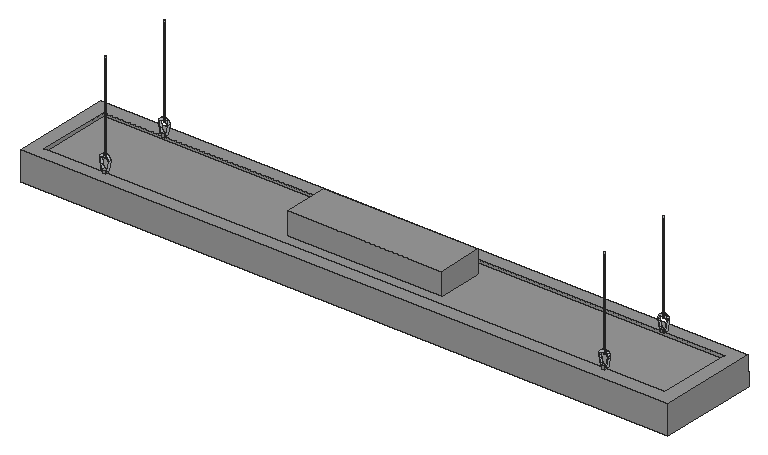
Revit family "HEFTY_4000K_14500LM_92W", category Lighting Fixtures, host Ceiling, Revit 2021
Family settings
  Host = Ceiling
  Round Connector Dimension = Use Diameter
  Part Type = Normal
  OmniClass Number = 23.80.70.11
  OmniClass Title = Luminaries for Internal Lighting
  Always vertical = Yes
  Cut with Voids When Loaded = No
  Light Source = Yes
  Shared = No
  Room Calculation Point = No
Parameters (values of type "Type 1")
  Wattage = 97.6155 W
  built-in parameter 1150110 = 1 (stored number, unit not read)
  Type de lampe = "LED Mid Power"
  Type = "Luminaire industriel"
  built-in parameter 1114217 = 1 (stored number, unit not read)
  Tilt Angle = 90.00°
  Tension = "AC 220-240V"
  built-in parameter 1150109 = 1 (stored number, unit not read)
  built-in parameter 1150134 = 12
  built-in parameter 1150113 = 1 (stored number, unit not read)
  SDCM = "<3"
  Puissance nominale = "92W"
  Poids = "6 kg"
  Photometric Web File = "google_eulumdat_converter (6).ies"
  Matériau = "Acier galvanisé blanc"
  Maintien du flux = "L80B10 (50 000 heures)"
  Lumens = 14500 lm
  built-in parameter 1150115 = 1 (stored number, unit not read)
  built-in parameter 1150105 = 1153.9 (stored number, unit not read)
  built-in parameter 1150137 = (empty or 0)
  built-in parameter 1150139 = (empty or 0)
  built-in parameter 1150112 = 1 (stored number, unit not read)
  built-in parameter 1150114 = 1 (stored number, unit not read)
  built-in parameter 1150132 = 2
  built-in parameter 1150102 = (empty or 0)
  built-in parameter 1150138 = (empty or 0)
  built-in parameter 1150107 = 4000 (stored number, unit not read)
  built-in parameter 1150106 = 11.539 (stored number, unit not read)
  IRC = ">80"
  Emit from Rectangle Width = 609.6 mm
  Emit from Rectangle Length = 1219.2 mm
  Emit Shape Visible in Rendering = no
  built-in parameter 1150104 = 13.8 (stored number, unit not read)
  Durée de vie = "50 000 heures"
  Driver = "Driver Osram"
  Dimming Lamp Color Temperature Shift = <None>
  Dimensions = "1220x190x90 mm"
  Diffuseur = "Polycarbonate transparent"
  Default Elevation = 0 mm
  Color Filter = 16777215
  built-in parameter 1114218 = 1 (stored number, unit not read)
  built-in parameter 1150133 = 10 (stored number, unit not read)
  Angle d'éclairage = "90°"
Reference planes
  plane 1 "Light Source Axis (F/B)": y = 0
  plane 2: z = 0
  plane 3 "Light Source Axis (L/R)": x = 0
  plane 4 "Ceiling": z = 4000
  plane 5 "Light Source Elevation": z = 3750
Forms (mm)
  Extrusion 1, solid, material "Steel, Galvanized"
    sketch origin (0, 0, 4000) x (0, 1, 0) y (-1, 0, 0)
      loop
        line (95, 610) -> (-95, 610) -> (-95, -610) -> (95, -610) -> (95, 610)
      loop
        line (70, 585) -> (-70, 585) -> (-70, -585) -> (70, -585) -> (70, 585)
    from -250 to -196.102
  Extrusion 2, solid, material "Steel, Galvanized"
    sketch origin (0, 0, 4000) x (0, 1, 0) y (-1, 0, 0)
      loop
        line (70, 585) -> (-70, 585) -> (-70, -585) -> (70, -585) -> (70, 585)
    from -201.474 to -207.22
  Extrusion 3, solid, material "Steel, Galvanized"
    sketch origin (0, 0, 4000) x (0, 1, 0) y (-1, 0, 0)
      loop
        line (43.191, 147.964) -> (-41.809, 147.964) -> (-41.809, -142.036) -> (43.191, -142.036) -> (43.191, 147.964)
    from -207.22 to -160
  Extrusion 4, solid, material "Steel, Galvanized"
    sketch origin (195.234, -0.407, 4000) x (0, -1, 0) y (1, 0, 0)
      loop
        line (71.862, 277.481) -> (66.862, 277.481) -> (66.862, 272.481) -> (71.862, 272.481) -> (71.862, 277.481)
    from -196.102 to -190.59
  Extrusion 5, solid
    sketch origin (195.234, -0.407, 0) x (-1, 0, 0) y (0, 0, -1)
      loop
        line (-273.652, -3806.915) -> (-276.521, -3806.915) -> (-281.412, -3807.954) -> (-284.54, -3827.708)
        arc (-284.54, -3827.708) -> (-274.506, -3835.045) -> (-266.484, -3825.549) r 9.115
        line (-266.484, -3825.549) -> (-270.251, -3807.826) -> (-273.652, -3806.915)
      loop
        line (-274.011, -3807.991) -> (-276.306, -3807.991) -> (-279.848, -3808.744) -> (-282.81, -3827.45)
        arc (-282.81, -3827.45) -> (-274.423, -3831.527) -> (-267.537, -3825.237) r 8.303
        line (-267.537, -3825.237) -> (-271.034, -3808.788) -> (-274.011, -3807.991)
    from 67.418 to 71.074
  Extrusion 6, solid, material "Glass, White, High Luminance"
    sketch origin (0, 0, 4000) x (0, 1, 0) y (-1, 0, 0)
      loop
        line (70, 585) -> (-70, 585) -> (-70, -585) -> (70, -585) -> (70, 585)
    from -250 to -245.079
  Extrusion 7, solid
    sketch origin (195.234, -0.407, 4000) x (0, -1, 0) y (1, 0, 0)
      loop
        circle (68.947, 275) r 1.348
    from -170.446 to 0
  Extrusion 8, solid, material "Steel, Galvanized"
    sketch origin (195.234, 0.407, 4000) x (0, -1, 0) y (1, 0, 0)
      loop
        line (-71.862, 277.481) -> (-71.862, 272.481) -> (-66.862, 272.481) -> (-66.862, 277.481) -> (-71.862, 277.481)
    from -196.102 to -190.59
  Extrusion 9, solid
    sketch origin (195.234, 0.407, 0) x (-1, 0, 0) y (0, 0, 1)
      loop
        line (-273.652, 3806.915) -> (-270.251, 3807.826) -> (-266.484, 3825.549)
        arc (-266.484, 3825.549) -> (-274.506, 3835.045) -> (-284.54, 3827.708) r 9.115
        line (-284.54, 3827.708) -> (-281.412, 3807.954) -> (-276.521, 3806.915) -> (-273.652, 3806.915)
      loop
        line (-274.011, 3807.991) -> (-271.034, 3808.788) -> (-267.537, 3825.237)
        arc (-267.537, 3825.237) -> (-274.423, 3831.527) -> (-282.81, 3827.45) r 8.303
        line (-282.81, 3827.45) -> (-279.848, 3808.744) -> (-276.306, 3807.991) -> (-274.011, 3807.991)
    from 67.418 to 71.074
  Extrusion 10, solid
    sketch origin (195.234, 0.407, 4000) x (0, -1, 0) y (1, 0, 0)
      loop
        circle (-68.947, 275) r 1.348
    from -170.446 to 0
  Extrusion 11, solid, material "Steel, Galvanized"
    sketch origin (-195.234, 0.407, 4000) x (0, 1, 0) y (-1, 0, 0)
      loop
        line (71.862, 277.481) -> (66.862, 277.481) -> (66.862, 272.481) -> (71.862, 272.481) -> (71.862, 277.481)
    from -196.102 to -190.59
  Extrusion 12, solid
    sketch origin (-195.234, 0.407, 0) x (1, 0, 0) y (0, 0, -1)
      loop
        line (-273.652, -3806.915) -> (-276.521, -3806.915) -> (-281.412, -3807.954) -> (-284.54, -3827.708)
        arc (-284.54, -3827.708) -> (-274.506, -3835.045) -> (-266.484, -3825.549) r 9.115
        line (-266.484, -3825.549) -> (-270.251, -3807.826) -> (-273.652, -3806.915)
      loop
        line (-274.011, -3807.991) -> (-276.306, -3807.991) -> (-279.848, -3808.744) -> (-282.81, -3827.45)
        arc (-282.81, -3827.45) -> (-274.423, -3831.527) -> (-267.537, -3825.237) r 8.303
        line (-267.537, -3825.237) -> (-271.034, -3808.788) -> (-274.011, -3807.991)
    from 67.418 to 71.074
  Extrusion 13, solid
    sketch origin (-195.234, 0.407, 4000) x (0, 1, 0) y (-1, 0, 0)
      loop
        circle (68.947, 275) r 1.348
    from -170.446 to 0
  Extrusion 14, solid, material "Steel, Galvanized"
    sketch origin (-195.234, -0.407, 4000) x (0, 1, 0) y (-1, 0, 0)
      loop
        line (-71.862, 277.481) -> (-71.862, 272.481) -> (-66.862, 272.481) -> (-66.862, 277.481) -> (-71.862, 277.481)
    from -196.102 to -190.59
  Extrusion 15, solid
    sketch origin (-195.234, -0.407, 0) x (1, 0, 0) y (0, 0, 1)
      loop
        line (-273.652, 3806.915) -> (-270.251, 3807.826) -> (-266.484, 3825.549)
        arc (-266.484, 3825.549) -> (-274.506, 3835.045) -> (-284.54, 3827.708) r 9.115
        line (-284.54, 3827.708) -> (-281.412, 3807.954) -> (-276.521, 3806.915) -> (-273.652, 3806.915)
      loop
        line (-274.011, 3807.991) -> (-271.034, 3808.788) -> (-267.537, 3825.237)
        arc (-267.537, 3825.237) -> (-274.423, 3831.527) -> (-282.81, 3827.45) r 8.303
        line (-282.81, 3827.45) -> (-279.848, 3808.744) -> (-276.306, 3807.991) -> (-274.011, 3807.991)
    from 67.418 to 71.074
  Extrusion 16, solid
    sketch origin (-195.234, -0.407, 4000) x (0, 1, 0) y (-1, 0, 0)
      loop
        circle (-68.947, 275) r 1.348
    from -170.446 to 0
Lines and regions (mm)
  reference lines
    curve 1: line (0, 0, 4000) -> (325, 0, 4000)
    curve 2: line (0, 0, 4000) -> (-325, 0, 4000)
    curve 3: line (-325, 0, 4000) -> (-325, 95, 4000)
    curve 4: line (-325, 95, 4000) -> (325, 95, 4000)
    curve 5: line (325, 95, 4000) -> (325, -95, 4000)
    curve 6: line (325, -95, 4000) -> (-325, -95, 4000)
    curve 7: line (-325, -95, 4000) -> (-325, 0, 4000)
    curve 8: line (0, 0, 4000) -> (225, 0, 4000)
    curve 9: line (225, 0, 4000) -> (225, -70, 4000)
    curve 10: line (225, -70, 4000) -> (-275, -70, 4000)
    curve 11: line (-275, 70, 4000) -> (225, 70, 4000)
    curve 12: line (-325, 0, 4000) -> (-300, 0, 4000)
    curve 13: line (-300, 0, 4000) -> (-300, 5, 4000)
    curve 14: line (325, 0, 4000) -> (300, 0, 4000)
    curve 15: line (0, 0, 3750) -> (0, 0, 3840)
    curve 16: line (0, 0, 4000) -> (610, 0, 4000)
    curve 17: line (610, 0, 4000) -> (610, 25, 4000)
    curve 18: line (0, 0, 4000) -> (-610, 0, 4000)
    curve 19: line (0, -70, 4000) -> (470, -70, 4000)
    curve 20: line (470, -70, 4000) -> (470, -55, 4000)
Dimensions and locks
  equal spacing: host sketch curve, plane 3 "Light Source Axis (L/R)", host sketch curve
  equal spacing: host sketch curve, plane 1 "Light Source Axis (F/B)", host sketch curve
  host sketch curve to host sketch curve = 4000 mm  (x2)
  plane 4 "Ceiling" to host ceiling = 0 mm
  aligned and locked: plane 3 "Light Source Axis (L/R)" to imposter light
  aligned and locked: plane 1 "Light Source Axis (F/B)" to imposter light
  aligned and locked: plane 5 "Light Source Elevation" to imposter light
